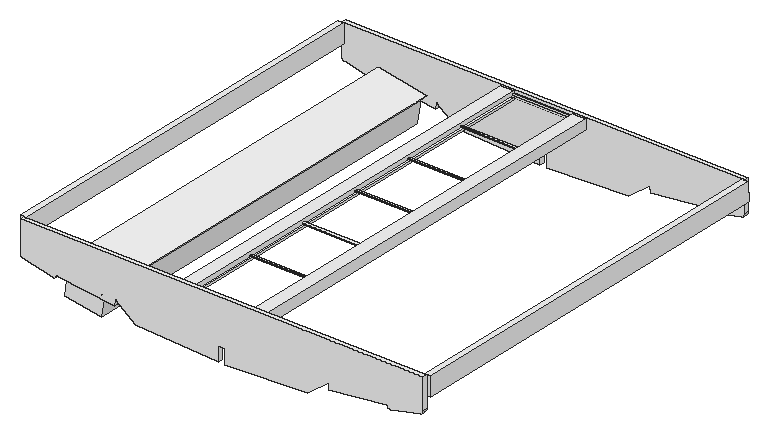
Revit family "Lighting-Troffer-Cooper-Corelite-Bridge-22BRG-24BRG-LD2", category Lighting Fixtures, host Face, Revit 2014
Parameters
  Wattage = 28.2 W
  built-in parameter 1150110 = 1 (stored number, unit not read)
  Voltage = if([120 Volts], 120 V, if([277 Volts], 277 V, 120 V))  # 120 V
  URL = "www.eaton.com/lighting"
  Type Comments = "2 x 2 and 2 x 4"  # constant formula
  built-in parameter 1114217 = 1 (stored number, unit not read)
  Tilt Angle = 90.00°  # constant formula
  built-in parameter 1150109 = 1 (stored number, unit not read)
  built-in parameter 1150134 = (empty or 0)
  built-in parameter 1150113 = 1 (stored number, unit not read)
  Square Pattern Optic = yes
  Square Pattern Array = if(Fixture Length = 1' 11 3/8", 7, if(Fixture Length = 3' 11 3/8", 13, 7))  # 7
  Product Page URL = "http://www.cooperindustries.com/content/public/en/lighting/products/recessed_linear_lighting/direct_indirect/_876063.ssd.html"
  Power Factor = 1
  Photometric Web File = "Select File"
  built-in parameter 1150142 = (empty or 0)
  Model = "22BRG and 24BRG"  # constant formula
  Manufacturer = "Cooper Lighting"  # constant formula
  built-in parameter 1150105 = 228.13 (stored number, unit not read)
  Lumens = 2866.81 lm
  built-in parameter 1150115 = 1 (stored number, unit not read)
  Load Classification = Lighting
  built-in parameter 1150137 = (empty or 0)
  built-in parameter 1150139 = (empty or 0)
  built-in parameter 1150112 = 1 (stored number, unit not read)
  built-in parameter 1150114 = 1 (stored number, unit not read)
  Lamp = "LED"  # constant formula
  LED Length = Fixture Length - 0' 1"  # 1' - 10 3/8"
  built-in parameter 1150132 = 2
  built-in parameter 1150102 = (empty or 0)
  built-in parameter 1150107 = 3000 (stored number, unit not read)
  built-in parameter 1150138 = (empty or 0)
  built-in parameter 1150106 = 2.2813 (stored number, unit not read)
  Fixture Width = 1' - 11 5/8"  # constant formula
  Fixture Length = 1' - 11 3/8"
  Fixture Height = 0' - 3 7/8"  # constant formula
  Emit from Rectangle Width = 0' - 0 3/16"  # constant formula
  Emit from Rectangle Length = Fixture Length - 0' 1"  # 1' - 10 3/8"
  Emit Shape Visible in Rendering = no
  built-in parameter 1150104 = 9.4445 (stored number, unit not read)
  Dimming Lamp Color Temperature Shift = <None>
  Description = "Bridge - Recessed LED"  # constant formula
  Default Elevation = 0' - 0"  # constant formula
  Connector Description = "Power In"  # constant formula
  Color Filter = 16777215
  built-in parameter 1114218 = 1 (stored number, unit not read)
  built-in parameter 1150133 = 10 (stored number, unit not read)
  Assembly Code = "D5020200"
  Apparent Load = 0 VA
  277 Volts = no
  120 Volts = yes
Reference planes (in)
  plane 1 "Center (Front/Back)": y = 0
  plane 2: z = 0
  plane 3 "Center (Left/Right)": x = 0
  plane 4: y = 11.6875
  plane 5: x = -11.8125
  plane 6: y = -11.6875
  plane 7: x = 11.8125
  plane 8: z = -3.875
  plane 9: x = 11.46875
  plane 10: x = -11.46875
  plane 11: x = -1.25
  plane 12: x = 1.25
  plane 13: z = -1.06274
  plane 14: z = -1.06274
  plane 15: y = 11.4375
  plane 16: y = -11.4375
  plane 17: y = -11.1875
  plane 18: y = 11.5
  plane 19: y = -12
  plane 20: z = -0.29315
  plane 21: x = -2.27121
  plane 22: x = 2.27121
  plane 23: x = 11.59489
  plane 24: x = 11.11713
  plane 25: x = 11.65739
  plane 26: z = -0.38588
  plane 27: x = -11.59489
  plane 28: x = -11.11713
  plane 29: x = -11.65739
  plane 30: z = -0.38588
  plane 31: through (-7.30557, -180, -3.75845) normal (-0.1475, 0, -0.9891)
  plane 32: through (-7.11274, -180, -2.46539) normal (0.9891, 0, -0.1475)
  plane 33: through (-9.26858, -180, -2.1439) normal (0.9891, 0, -0.1475)
  plane 34: through (-7.11274, -180, -2.46539) normal (-0.1475, 0, -0.9891)
  plane 35: z = -0.13986
  plane 36: y = -11.3125
  plane 37: z = -0.20236
  plane 38: y = -11.4375
  plane 39: y = 11.3125
  plane 40: z = -0.13986
  plane 41: y = 11.4375
  plane 42: z = -0.20236
  plane 43: y = 11.3125
  plane 44: z = -0.13986
  plane 45: y = -7.52083
  plane 46: z = -0.20236
  plane 47: y = -7.64583
  plane 48: z = -0.13986
  plane 49: y = -3.72917
  plane 50: z = -0.20236
  plane 51: y = -3.85417
  plane 52: z = -0.13986
  plane 53: y = 0.0625
  plane 54: z = -0.20236
  plane 55: y = -0.0625
  plane 56: z = -0.13986
  plane 57: y = 3.85417
  plane 58: z = -0.20236
  plane 59: y = 3.72917
  plane 60: z = -0.13986
  plane 61: y = 7.64583
  plane 62: z = -0.20236
  plane 63: y = 7.52083
  plane 64: x = -12
  plane 65: y = 12
  plane 66: x = 12
Forms (in)
  Extrusion 1, void
    sketch origin (0, 0, 0) x (1, 0, 0) y (0, 1, 0)
      loop
        line (-11.8125, 11.6875) -> (-11.8125, -11.6875) -> (11.8125, -11.6875) -> (11.8125, 11.6875) -> (-11.8125, 11.6875)
    from 0 to -3.875
  Extrusion 2, solid, material "Metal - Cooper Industries - Matte White"
    sketch origin (0, 0, 0) x (1, 0, 0) y (0, 0, 1)
      loop
        line (-11.8125, 0) -> (-11.8125, -1.06274) -> (-11.46875, -1.06274) -> (-11.46875, 0) -> (-11.8125, 0)
      loop
        line (11.8125, 0) -> (11.46875, 0) -> (11.46875, -1.06274) -> (11.8125, -1.06274) -> (11.8125, 0)
    from -11.4375 to 11.4375
  Extrusion 3, solid, material "Metal - Cooper Industries - Matte White"
    sketch origin (0, 0, 0) x (1, 0, 0) y (0, 0, 1)
      loop
        line (-11.59489, 0) -> (-11.59489, -1.76884)
        arc (-11.59489, -1.76884) -> (-11.55246, -1.89034) -> (-11.44362, -1.95901) r 0.19518
        line (-11.44362, -1.95901) -> (-9.7696, -2.34549)
        arc (-9.7696, -2.34549) -> (-9.64611, -2.33686) -> (-9.54857, -2.26065) r 0.21169
        line (-9.54857, -2.26065) -> (-9.49287, -2.1811) -> (-6.17271, -2.58876) -> (-6.13029, -2.24324) -> (-4.93233, -3.14596) -> (-0.18884, -3.36986) -> (-0.18884, -2.55982)
        arc (-0.18884, -2.55982) -> (0, -2.56021) -> (0.18884, -2.55982) r 45.70166
        line (0.18884, -2.55982) -> (0.18884, -3.36986) -> (4.93233, -3.14596) -> (6.13029, -2.24324) -> (6.17271, -2.58876) -> (9.49287, -2.1811) -> (9.54857, -2.26065)
        arc (9.54857, -2.26065) -> (9.64611, -2.33686) -> (9.7696, -2.34549) r 0.21169
        line (9.7696, -2.34549) -> (11.44362, -1.95901)
        arc (11.44362, -1.95901) -> (11.55246, -1.89034) -> (11.59489, -1.76884) r 0.19518
        line (11.59489, -1.76884) -> (11.59489, 0) -> (-11.59489, 0)
    from 11.4375 to 11.6875
  Extrusion 4, solid, material "Metal - Cooper Industries - Matte White"
    sketch origin (0, 0, 0) x (1, 0, 0) y (0, 0, -1)
      loop
        line (-11.59489, 0) -> (11.59489, 0) -> (11.59489, 1.76884)
        arc (11.59489, 1.76884) -> (11.55246, 1.89034) -> (11.44362, 1.95901) r 0.19518
        line (11.44362, 1.95901) -> (9.7696, 2.34549)
        arc (9.7696, 2.34549) -> (9.64611, 2.33686) -> (9.54857, 2.26065) r 0.21169
        line (9.54857, 2.26065) -> (9.49287, 2.1811) -> (6.17271, 2.58876) -> (6.13029, 2.24324) -> (4.93233, 3.14596) -> (0.18884, 3.36986) -> (0.18884, 2.55982)
        arc (0.18884, 2.55982) -> (0, 2.56021) -> (-0.18884, 2.55982) r 45.70166
        line (-0.18884, 2.55982) -> (-0.18884, 3.36986) -> (-4.93233, 3.14596) -> (-6.13029, 2.24324) -> (-6.17271, 2.58876) -> (-9.49287, 2.1811) -> (-9.54857, 2.26065)
        arc (-9.54857, 2.26065) -> (-9.64611, 2.33686) -> (-9.7696, 2.34549) r 0.21169
        line (-9.7696, 2.34549) -> (-11.44362, 1.95901)
        arc (-11.44362, 1.95901) -> (-11.55246, 1.89034) -> (-11.59489, 1.76884) r 0.19518
        line (-11.59489, 1.76884) -> (-11.59489, 0)
    from 11.4375 to 11.6875
  Extrusion 5, solid, material "Metal - Cooper Industries - Matte White", not visible
    sketch origin (0, 0, 5) x (1, 0, 0) y (0, 0, 1)
      loop
        line (11.65739, -5.00134) -> (11.11713, -5.00134) -> (11.11713, -6.12301)
        arc (11.11713, -6.12301) -> (0, -7.49771) -> (-11.11713, -6.12301) r 45.63916
        line (-11.11713, -6.12301) -> (-11.11713, -5.00134) -> (-11.65739, -5.00134) -> (-11.65739, -5.32338) -> (-11.8125, -5.32338) -> (-11.8125, -5.38588) -> (-11.59489, -5.38588) -> (-11.59489, -5.06384) -> (-11.17963, -5.06384) -> (-11.17963, -6.17173)
        arc (-11.17963, -6.17173) -> (0, -7.56021) -> (11.17963, -6.17173) r 45.70166
        line (11.17963, -6.17173) -> (11.17963, -5.06384) -> (11.59489, -5.06384) -> (11.59489, -5.38588) -> (11.8125, -5.38588) -> (11.8125, -5.32338) -> (11.65739, -5.32338) -> (11.65739, -5.00134)
    from -11.4375 to 11.4375
  Extrusion 6, solid, material "Glass - Cooper Industries - Light Bulb On"
    sketch origin (-2.35337, 0, -0.35143) x (0, 0, 1) y (-1, 0, 0)
      loop
        line (-0.06671, -0.08216) -> (-0.06671, -4.62458) -> (0.05829, -4.62458) -> (0.05829, -0.08216) -> (-0.06671, -0.08216)
    from -11.4375 to 11.4375
  Extrusion 7, solid, material "Metal - Cooper Industries - Matte White"
    sketch origin (0, 0, 0) x (1, 0, 0) y (0, 0, 1)
      loop
        line (-1.68688, -0.04908) -> (-2.43688, -0.04908) -> (-2.43688, -0.62804) -> (-2.03788, -0.62804) -> (-1.88148, -0.51852) -> (-1.68688, -0.51852) -> (-1.68688, -0.41815) -> (-2.27121, -0.41815) -> (-2.27121, -0.29315) -> (-1.68688, -0.29315) -> (-1.68688, -0.04908)
      loop
        line (1.68688, -0.04908) -> (1.68688, -0.29315) -> (2.27121, -0.29315) -> (2.27121, -0.41815) -> (1.68688, -0.41815) -> (1.68688, -0.51852) -> (1.88148, -0.51852) -> (2.03788, -0.62804) -> (2.43688, -0.62804) -> (2.43688, -0.04908) -> (1.68688, -0.04908)
    from -11.4375 to 11.4375
  Extrusion 8, solid, material "Metal - Cooper Industries - Matte White"
    sketch origin (1.48818, 0, 0.38272) x (-0.992546, 0, -0.121869) y (0.121869, 0, -0.992546)
      loop
        line (8.88391, 1.7787) -> (10.9845, 1.19687) -> (11.33347, 2.45678) -> (9.23288, 3.03861) -> (8.88391, 1.7787)
    from -11.5 to 11.1875
  Extrusion 9, solid, material "Metal - Cooper Industries - Matte White"
    sketch origin (0, 0, 0) x (1, 0, 0) y (0, 0, 1)
      loop
        line (-9.47876, -1.56644) -> (-9.26858, -2.1439) -> (-7.11274, -2.46539) -> (-6.71199, -2.06465)
        arc (-6.71199, -2.06465) -> (-8.09921, -1.83682) -> (-9.47876, -1.56644) r 45.70166
    from -11.4375 to 11.4375
  Extrusion 10, solid, material "Metal - Cooper Industries - Matte White", visible <- "Square Pattern Optic"
    sketch origin (0, 0.32812, 0) x (0, -1, 0) y (0, 0, -1)
      loop
        line (11.76562, 0.13986) -> (11.76562, 0.20236) -> (11.64062, 0.20236) -> (11.64062, 0.13986) -> (11.76562, 0.13986)
    from -1.68688 to 1.68688
  Extrusion 11, solid, material "Metal - Cooper Industries - Matte White", visible <- "Square Pattern Optic"
    sketch origin (0, 23.07812, 0) x (0, -1, 0) y (0, 0, -1)
      loop
        line (11.76562, 0.13986) -> (11.76562, 0.20236) -> (11.64062, 0.20236) -> (11.64062, 0.13986) -> (11.76562, 0.13986)
    from -1.68688 to 1.68688
  Extrusion 12, solid, material "Metal - Cooper Industries - Matte White", visible <- "Square Pattern Optic"
    sketch origin (0, 4.11979, 0) x (0, -1, 0) y (0, 0, -1)
      loop
        line (11.76562, 0.13986) -> (11.76562, 0.20236) -> (11.64062, 0.20236) -> (11.64062, 0.13986) -> (11.76562, 0.13986)
    from -1.68688 to 1.68688
  Extrusion 13, solid, material "Metal - Cooper Industries - Matte White", visible <- "Square Pattern Optic"
    sketch origin (0, 7.91146, 0) x (0, -1, 0) y (0, 0, -1)
      loop
        line (11.76562, 0.13986) -> (11.76562, 0.20236) -> (11.64062, 0.20236) -> (11.64062, 0.13986) -> (11.76562, 0.13986)
    from -1.68688 to 1.68688
  Extrusion 14, solid, material "Metal - Cooper Industries - Matte White", visible <- "Square Pattern Optic"
    sketch origin (0, 11.70312, 0) x (0, -1, 0) y (0, 0, -1)
      loop
        line (11.76562, 0.13986) -> (11.76562, 0.20236) -> (11.64062, 0.20236) -> (11.64062, 0.13986) -> (11.76562, 0.13986)
    from -1.68688 to 1.68688
  Extrusion 15, solid, material "Metal - Cooper Industries - Matte White", visible <- "Square Pattern Optic"
    sketch origin (0, 15.49479, 0) x (0, -1, 0) y (0, 0, -1)
      loop
        line (11.76562, 0.13986) -> (11.76562, 0.20236) -> (11.64062, 0.20236) -> (11.64062, 0.13986) -> (11.76562, 0.13986)
    from -1.68688 to 1.68688
  Extrusion 16, solid, material "Metal - Cooper Industries - Matte White", visible <- "Square Pattern Optic"
    sketch origin (0, 19.28646, 0) x (0, -1, 0) y (0, 0, -1)
      loop
        line (11.76562, 0.13986) -> (11.76562, 0.20236) -> (11.64062, 0.20236) -> (11.64062, 0.13986) -> (11.76562, 0.13986)
    from -1.68688 to 1.68688
Lines and regions (in)
  Masking region 1
    outline origin (0, 0, 0) x (1, 0, 0) y (0, 1, 0)
      loop
        line (-12, -12) -> (12, -12) -> (12, 12) -> (-12, 12) -> (-12, -12)
  symbolic lines
    curve 1: line (0, 11.6875, 0) -> (0, -11.6875, 0)
    curve 2: line (0, 11.6875, -3.875) -> (0, 11.6875, 0)
    curve 3: line (0, -11.6875, -3.875) -> (0, 11.6875, -3.875)
    curve 4: line (0, -11.6875, 0) -> (0, -11.6875, -3.875)
    curve 7: line (-11.8125, 0, 0) -> (11.8125, 0, 0)
    curve 8: line (-11.8125, 0, -3.875) -> (-11.8125, 0, 0)
    curve 9: line (11.8125, 0, -3.875) -> (-11.8125, 0, -3.875)
    curve 10: line (11.8125, 0, 0) -> (11.8125, 0, -3.875)
    curve 11: line (12, 12, 0) -> (-12, -12, 0)
  reference lines
    curve 5: arc (11.11713, 0, -1.12301) -> (0, 0, -2.49771) -> (-11.11713, 0, -1.12301) r 45.63916
    curve 6: arc (-11.17963, 0, -1.17173) -> (0, 0, -2.56021) -> (11.17963, 0, -1.17173) r 45.70166
Dimensions and locks (in)
  "Fixture Width": plane 5 to plane 7
  "Fixture Length": plane 6 to plane 4
  equal spacing: plane 5, plane 3 "Center (Left/Right)", plane 7
  equal spacing: plane 6, plane 1 "Center (Front/Back)", plane 4
  plane 10 to plane 9 = 1' - 10 15/16"
  equal spacing: plane 11, plane 3 "Center (Left/Right)", plane 12
  locked: plane 11 to plane 12 at 2.5
  locked: plane 2 to plane 13 at 1.06274
  locked: plane 2 to plane 14 at 1.06274
  plane 65 to plane 4 to plane 15 to plane 39 = 0' - 0 5/16" locked, 0' - 0 1/4" locked, 0' - 0 1/8" locked
  plane 6 to plane 16 to plane 17 = 0' - 0 1/4" locked, 0' - 0 1/4" locked
  locked: plane 6 to plane 19 at 0.3125
  plane 24 to plane 23 to plane 25 to plane 7 = 0' - 0.47776" locked, 0' - 0 1/16" locked, 0' - 0.15511" locked
  plane 28 to plane 27 to plane 29 to plane 5 = 0' - 0.47776" locked, 0' - 0 1/16" locked, 0' - 0.15511" locked
  "Fixture Height": level to plane 8
  locked: plane 18 to plane 17 at 22.6875
  equal spacing: group 1, group 3, group 4, group 5, group 6, group 7, group 2  (x3)
  locked: plane 64 to plane 5 at 0.1875
  locked: plane 7 to plane 66 at 0.1875
  aligned and locked: plane 2 to host face
  aligned and locked: level to host face
  aligned and locked: Extrusion 1 sketch curve to plane 4
  aligned and locked: plane 5 to Extrusion 1 sketch curve
  aligned and locked: Extrusion 1 sketch curve to plane 6
  aligned and locked: plane 7 to Extrusion 1 sketch curve
  aligned and locked: Extrusion 1 to plane 8
  aligned and locked: Extrusion 2 sketch curve to plane 2
  aligned and locked: Extrusion 2 sketch curve to plane 10
  aligned and locked: plane 5 to Extrusion 2 sketch curve
  aligned and locked: plane 13 to Extrusion 2 sketch curve
  aligned and locked: plane 2 to Extrusion 2 sketch curve
  aligned and locked: Extrusion 2 sketch curve to plane 7
  aligned and locked: Extrusion 2 sketch curve to plane 9
  aligned and locked: plane 14 to Extrusion 2 sketch curve
  aligned and locked: Extrusion 3 sketch curve to plane 2
  aligned and locked: plane 4 to Extrusion 4
  aligned and locked: Extrusion 4 to plane 15
  aligned and locked: plane 15 to Extrusion 2
  aligned and locked: plane 6 to Extrusion 3
  aligned and locked: Extrusion 3 to plane 16
  aligned and locked: plane 16 to Extrusion 2
  aligned and locked: imposter light to plane 3 "Center (Left/Right)"
  aligned and locked: plane 20 to Extrusion 6 sketch curve
  aligned and locked: plane 21 to Extrusion 6 sketch curve
  aligned and locked: Extrusion 6 sketch curve to plane 22
  aligned and locked: Extrusion 6 to Extrusion 7 sketch curve
  aligned and locked: Extrusion 7 sketch curve to Extrusion 6  (x4)
  aligned and locked: plane 24 to Extrusion 5 sketch curve
  aligned and locked: Extrusion 5 sketch curve to plane 25
  aligned and locked: plane 26 to Extrusion 5 sketch curve
  aligned and locked: plane 28 to Extrusion 5 sketch curve
  aligned and locked: plane 29 to Extrusion 5 sketch curve
  aligned and locked: plane 30 to Extrusion 5 sketch curve
  aligned and locked: Extrusion 3 sketch curve to Extrusion 5  (x2)
  aligned and locked: plane 32 to Extrusion 8 sketch curve
  aligned and locked: plane 33 to Extrusion 8 sketch curve
  aligned and locked: plane 34 to Extrusion 8 sketch curve
  aligned and locked: Extrusion 9 sketch curve to Extrusion 5
  aligned and locked: curve 5 to Extrusion 5
  aligned and locked: curve 6 to Extrusion 5
  aligned and locked: curve 7 to Extrusion 2
  aligned and locked: curve 8 to Extrusion 2
  aligned and locked: plane 8 to curve 9
  aligned and locked: plane 7 to curve 10
  aligned and locked: Extrusion 3 sketch curve to Extrusion 9
  aligned and locked: Extrusion 4 sketch curve to Extrusion 9
  aligned and locked: Extrusion 9 sketch curve to Extrusion 8
  aligned and locked: plane 16 to Extrusion 9
  aligned and locked: plane 15 to Extrusion 9
  aligned and locked: plane 18 to Extrusion 8
  aligned and locked: plane 16 to Extrusion 5
  aligned and locked: plane 15 to Extrusion 5
  aligned and locked: plane 17 to Extrusion 8
  aligned and locked: plane 15 to Extrusion 7
  aligned and locked: plane 15 to Extrusion 6
  aligned and locked: plane 16 to Extrusion 7
  aligned and locked: plane 16 to Extrusion 6
  aligned and locked: plane 35 to Extrusion 10 sketch curve
  aligned and locked: plane 37 to Extrusion 10 sketch curve
  aligned and locked: plane 38 to Extrusion 10 sketch curve
  aligned and locked: Extrusion 10 sketch curve to plane 36
  aligned and locked: plane 40 to Extrusion 11 sketch curve
  aligned and locked: plane 42 to Extrusion 11 sketch curve
  aligned and locked: plane 43 to Extrusion 11 sketch curve
  aligned and locked: Extrusion 11 sketch curve to plane 41
  aligned and locked: plane 44 to Extrusion 12 sketch curve
  aligned and locked: plane 46 to Extrusion 12 sketch curve
  aligned and locked: plane 47 to Extrusion 12 sketch curve
  aligned and locked: Extrusion 12 sketch curve to plane 45
  aligned and locked: plane 48 to Extrusion 13 sketch curve
  aligned and locked: plane 50 to Extrusion 13 sketch curve
  aligned and locked: plane 51 to Extrusion 13 sketch curve
  aligned and locked: Extrusion 13 sketch curve to plane 49
  aligned and locked: plane 52 to Extrusion 14 sketch curve
  aligned and locked: plane 54 to Extrusion 14 sketch curve
  aligned and locked: plane 55 to Extrusion 14 sketch curve
  aligned and locked: Extrusion 14 sketch curve to plane 53
  aligned and locked: plane 56 to Extrusion 15 sketch curve
  aligned and locked: plane 58 to Extrusion 15 sketch curve
  aligned and locked: plane 59 to Extrusion 15 sketch curve
  aligned and locked: Extrusion 15 sketch curve to plane 57
  aligned and locked: plane 60 to Extrusion 16 sketch curve
  aligned and locked: plane 62 to Extrusion 16 sketch curve
  aligned and locked: plane 63 to Extrusion 16 sketch curve
  aligned and locked: Extrusion 16 sketch curve to plane 61
  aligned and locked: plane 16 to Extrusion 10
  aligned and locked: Extrusion 11 to plane 39
  aligned and locked: imposter light to Extrusion 6
  aligned and locked: Masking region 1 sketch curve to plane 19
  aligned and locked: Masking region 1 sketch curve to plane 64
  aligned and locked: Masking region 1 sketch curve to plane 65
  aligned and locked: plane 66 to Masking region 1 sketch curve
  aligned and locked: curve 11 to plane 64
  aligned and locked: plane 19 to curve 11
  aligned and locked: plane 65 to curve 11
  aligned and locked: plane 66 to curve 11
  aligned and locked: plane 8 to curve 3
  aligned and locked: curve 2 to plane 4
  aligned and locked: curve 4 to plane 6
  aligned and locked: curve 1 to plane 2
Automatic sketch dimensions
  host sketch curve to host sketch curve = 8' - 0"  (x2)
  Extrusion 5 sketch curve to Extrusion 5 sketch curve = 0' - 0"  (x2)
  Extrusion 5 sketch curve to plane 5 = 0' - 0"
  plane 27 to Extrusion 5 sketch curve = 0' - 0"
  Extrusion 5 sketch curve to plane 3 "Center (Left/Right)" = 0' - 0"
  plane 23 to Extrusion 5 sketch curve = 0' - 0"
  plane 7 to Extrusion 5 sketch curve = 0' - 0"
  Extrusion 5 sketch curve to plane 28 = 0' - 0 1/16"
  Extrusion 5 sketch curve to plane 24 = 0' - 0 1/16"
  plane 26 to Extrusion 5 sketch curve = 0' - 0.73714"
  Extrusion 5 sketch curve to Extrusion 5 sketch curve = 0' - 0.04872"
  Extrusion 5 sketch curve to plane 26 = 0' - 0 1/16"  (x2)
  Extrusion 5 sketch curve to level = 0' - 0.00134"  (x2)
  Extrusion 6 sketch curve to plane 20 = 0' - 0 1/8"
  Extrusion 7 sketch curve to Extrusion 7 sketch curve = 0' - 0.16567"  (x2)
  Extrusion 7 sketch curve to Extrusion 7 sketch curve = 0' - 0.23332"
  Extrusion 7 sketch curve to Extrusion 7 sketch curve = 0' - 0.15641"  (x2)
  Extrusion 7 sketch curve to Extrusion 7 sketch curve = 0' - 0.1946"  (x3)
  Extrusion 7 sketch curve to plane 12 = 0' - 0.43688"
  Extrusion 7 sketch curve to Extrusion 7 sketch curve = 0' - 0"
  Extrusion 7 sketch curve to Extrusion 7 sketch curve = 0' - 0.22538"
  Extrusion 7 sketch curve to Extrusion 7 sketch curve = 0' - 0.10038"  (x2)
  Extrusion 7 sketch curve to Extrusion 7 sketch curve = 0' - 0.33489"
  Extrusion 7 sketch curve to Extrusion 7 sketch curve = 0' - 0.10952"
  Extrusion 8 sketch curve to plane 31 = 0' - 0"
  level to Extrusion 5 sketch curve = 3' - 7.14145"
  Extrusion 5 sketch curve to level = 0' - 0.06384"  (x2)
  Extrusion 7 sketch curve to level = 0' - 0.04908"  (x2)
  plane 10 to Extrusion 3 sketch curve = 0' - 0.02513"
  plane 10 to Extrusion 3 sketch curve = 0' - 0.06904"
  plane 10 to Extrusion 3 sketch curve = 0' - 1.69915"
  Extrusion 3 sketch curve to Extrusion 3 sketch curve = 0' - 0.04762"  (x2)
  Extrusion 3 sketch curve to Extrusion 3 sketch curve = 0' - 0.1734"  (x2)
  Extrusion 3 sketch curve to Extrusion 3 sketch curve = 0' - 0.0557"  (x2)
  plane 8 to Extrusion 3 sketch curve = 0' - 1.28624"  (x2)
  Extrusion 3 sketch curve to Extrusion 3 sketch curve = 0' - 3.32016"
  plane 8 to Extrusion 3 sketch curve = 0' - 1.63176"  (x2)
  Extrusion 3 sketch curve to Extrusion 3 sketch curve = 0' - 0.04243"  (x2)
  plane 8 to Extrusion 3 sketch curve = 0' - 0.72904"  (x2)
  Extrusion 3 sketch curve to Extrusion 3 sketch curve = 0' - 1.24038"
  Extrusion 3 sketch curve to plane 3 "Center (Left/Right)" = 0' - 0.18884"
  plane 3 "Center (Left/Right)" to Extrusion 3 sketch curve = 0' - 0.18884"
  Extrusion 3 sketch curve to plane 12 = 0' - 3.68233"
  Extrusion 3 sketch curve to Extrusion 3 sketch curve = 0' - 1.19795"
  plane 8 to Extrusion 3 sketch curve = 0' - 1.6939"
  Extrusion 3 sketch curve to plane 9 = 0' - 0.06904"
  Extrusion 3 sketch curve to plane 9 = 0' - 0.02513"
  plane 8 to Extrusion 3 sketch curve = 0' - 0.50514"
  Extrusion 3 sketch curve to Extrusion 3 sketch curve = 0' - 0"
  Extrusion 3 sketch curve to Extrusion 3 sketch curve = 0' - 0.16439"  (x2)
  Extrusion 3 sketch curve to Extrusion 3 sketch curve = 0' - 0.07955"  (x2)
  Extrusion 3 sketch curve to Extrusion 3 sketch curve = 0' - 0.38648"  (x2)
  Extrusion 4 sketch curve to level = 0' - 0"
  Extrusion 4 sketch curve to plane 3 "Center (Left/Right)" = 0' - 0.18884"
  plane 8 to Extrusion 4 sketch curve = 0' - 0.72904"  (x2)
  Extrusion 4 sketch curve to plane 11 = 0' - 3.68233"
  plane 8 to Extrusion 4 sketch curve = 0' - 1.63176"  (x2)
  Extrusion 4 sketch curve to Extrusion 4 sketch curve = 0' - 1.19795"  (x2)
  plane 8 to Extrusion 4 sketch curve = 0' - 1.28624"  (x2)
  Extrusion 4 sketch curve to Extrusion 4 sketch curve = 0' - 0.04243"  (x2)
  plane 8 to Extrusion 4 sketch curve = 0' - 1.6939"  (x2)
  Extrusion 4 sketch curve to Extrusion 4 sketch curve = 0' - 0.0557"  (x2)
  Extrusion 4 sketch curve to Extrusion 4 sketch curve = 0' - 0.1734"  (x2)
  Extrusion 4 sketch curve to Extrusion 4 sketch curve = 0' - 0.04762"  (x2)
  plane 10 to Extrusion 4 sketch curve = 0' - 0.06904"
  plane 10 to Extrusion 4 sketch curve = 0' - 0.02513"
  Extrusion 4 sketch curve to plane 10 = 0' - 0.12614"
  plane 3 "Center (Left/Right)" to Extrusion 4 sketch curve = 0' - 0.18884"
  Extrusion 4 sketch curve to plane 12 = 0' - 3.68233"
  Extrusion 4 sketch curve to plane 9 = 0' - 0.06904"
  Extrusion 4 sketch curve to plane 9 = 0' - 0.02513"
  plane 9 to Extrusion 4 sketch curve = 0' - 0.12614"
  Extrusion 4 sketch curve to level = 0' - 1.76884"
  Extrusion 4 sketch curve to Extrusion 4 sketch curve = 0' - 1.76884"
  Extrusion 4 sketch curve to Extrusion 4 sketch curve = 0' - 0.04187"  (x2)
  Extrusion 4 sketch curve to Extrusion 4 sketch curve = 0' - 0.07955"  (x2)
  plane 8 to Extrusion 4 sketch curve = 0' - 0.50514"
  Extrusion 4 sketch curve to Extrusion 4 sketch curve = 0' - 0"
  plane 8 to Extrusion 9 sketch curve = 0' - 1.81035"
  plane 8 to Extrusion 9 sketch curve = 0' - 1.40961"
  plane 8 to Extrusion 9 sketch curve = 0' - 1.7311"
  Extrusion 9 sketch curve to level = 0' - 1.56644"
  curve 9 to plane 8 = 0' - 0"
Connectors (in)
  electrical at (-8.38349, 0.15625, -3.5977), driven by "Load Classification", driven by "Voltage", driven by "Apparent Load", driven by "Power Factor", driven by "Connector Description"
    settings: on Extrusion 8, index 1, voltage 120 V, apparent load 0 VA, apparent load phase1 0 VA, apparent load phase2 0 VA, apparent load phase3 0 VA, power factor 1, load classification "Lighting", number of poles 1, system type 31, power factor state 1, is connector primary yes, connector utility no, sub classification motor no, connector description "Power In"
